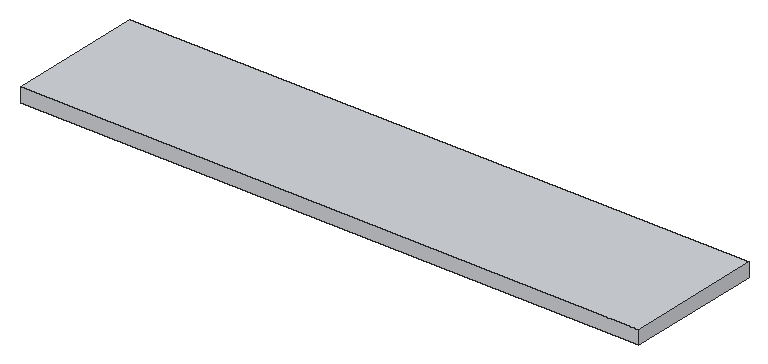
Revit family "BIM_ST_Scaff_PlankWalkway_Shared", category Generic Models, Revit 2022
Family settings
  Can host rebar = No
  Round Connector Dimension = Use Diameter
  Part Type = Normal
  Work Plane-Based = No
  Always vertical = Yes
  Cut with Voids When Loaded = No
  Maintain Annotation Orientation = No
  Shared = Yes
  Room Calculation Point = No
Parameters
  Width [instance] = 0 mm
  Length [instance] = 0 mm
  Default Elevation = 0 mm
Reference planes
  plane 1 "Center (Front/Back)": y = 0
  plane 2: z = 0
  plane 3 "Center (Left/Right)": x = 0
Forms (mm)
  Extrusion 1, solid
    sketch origin (0, 0, 0) x (1, 0, 0) y (0, 1, 0)
      loop
        line (-900, -200) -> (900, -200) -> (900, 200) -> (-900, 200) -> (-900, -200)
    from 0 to 40
Dimensions and locks
  aligned and locked: level to plane 2
